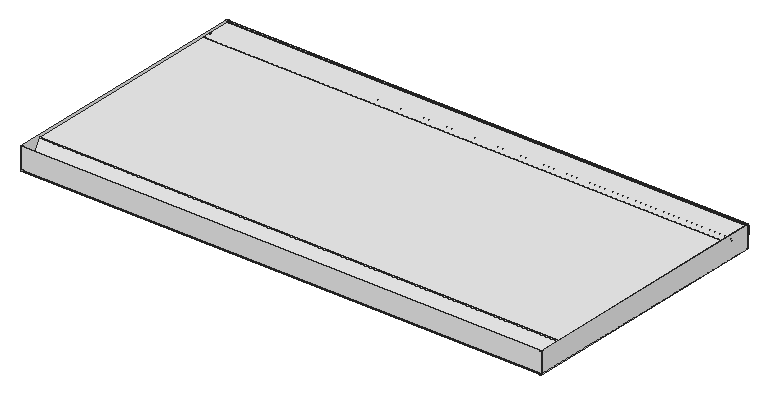
Revit family "LBPC", category Lighting Fixtures, host Ceiling, Revit 2019
Family settings
  Host = Ceiling
  Round Connector Dimension = Use Diameter
  Part Type = Normal
  OmniClass Number = 23.80.70.11.14.17
  OmniClass Title = Direct/Indirect
  Always vertical = Yes
  Cut with Voids When Loaded = No
  Light Source = Yes
  Shared = No
  Room Calculation Point = No
Parameters (values of type "LBPC2X4-LED840K070LUNV")
  Width = 1' - 11 189/256"
  Wattage = 53 W
  built-in parameter 1150110 = 1 (stored number, unit not read)
  Voltage = 120 V  # constant formula
  URL = "https://viscor.com/products/lbpc"
  built-in parameter 1114217 = 0.9 (stored number, unit not read)
  Tilt Angle = 90.00°
  built-in parameter 1150109 = 1 (stored number, unit not read)
  built-in parameter 1150134 = 12
  built-in parameter 1150113 = 1 (stored number, unit not read)
  Photometric Web File = "LBPC2X4-LED840K070LUNV.ies"
  Model = "LBPC"  # constant formula
  Manufacturer = "VISIONEERING by VISCOR"  # constant formula
  Lumens = 7027.27 lm
  built-in parameter 1150115 = 1 (stored number, unit not read)
  built-in parameter 1150105 = 559.21 (stored number, unit not read)
  built-in parameter 1150137 = (empty or 0)
  built-in parameter 1150139 = (empty or 0)
  Lens Finish = Polycarbonate - Viscor - Frosted Round
  Length = 3' - 11 3/4"
  Lamp Wattage = 53 VA
  built-in parameter 1150112 = 1 (stored number, unit not read)
  built-in parameter 1150114 = 1 (stored number, unit not read)
  Lamp = "LED"  # constant formula
  built-in parameter 1150132 = (empty or 0)
  built-in parameter 1150102 = (empty or 0)
  built-in parameter 1150138 = (empty or 0)
  built-in parameter 1150107 = 4000 (stored number, unit not read)
  built-in parameter 1150106 = 5.5921 (stored number, unit not read)
  Housing Finish = Metal - Viscor - White
  Height = 0' - 2"
  Emit from Rectangle Width = Width  # 1' - 11 189/256"
  Emit from Rectangle Length = Length  # 3' - 11 3/4"
  Emit Shape Visible in Rendering = no
  built-in parameter 1150104 = 12.318 (stored number, unit not read)
  Dimming Lamp Color Temperature Shift = <None>
  Description = "LED Configurable Lay-in Backlit Panel Premium Luminaire"  # constant formula
  Color Filter = 16777215
  built-in parameter 1114218 = 1 (stored number, unit not read)
  built-in parameter 1150133 = 10 (stored number, unit not read)
  Assembly Code = "D5020200"
  Apparent Load = Lamp Wattage  # 53 VA
Types (11): name | Wattage | Photometric Web File | Lumens | built-in parameter 1150105 | Length | Lamp Wattage | built-in parameter 1150106 | Height | Emit from Rectangle Length | built-in parameter 1150104 | Apparent Load
  (no name) | 53 W | "LBPC2X4-LED840K070LUNV.ies" | 7027.27 lm | 559.21 (stored number, unit not read) | 3' - 11 3/4" | 53 VA | 5.5921 (stored number, unit not read) | 0' - 2" | 3' - 11 3/4" | 12.318 (stored number, unit not read) | 53 VA
  LBPC2X4-LED840K070LUNV | 53 W | "LBPC2X4-LED840K070LUNV.ies" | 7027.27 lm | 559.21 (stored number, unit not read) | 3' - 11 3/4" | 53 VA | 5.5921 (stored number, unit not read) | 0' - 2" | 3' - 11 3/4" | 12.318 (stored number, unit not read) | 53 VA
  LBPC2X2-LED840K025LUNV | 21 W | "LBPC2X2-LED840K025LUNV.ies" | 2522.1 lm | 200.7 (stored number, unit not read) | 1' - 11 3/4" | 21 VA | 2.007 (stored number, unit not read) | 0' - 2" | 1' - 11 3/4" | 11.158 (stored number, unit not read) | 21 VA
  LBPC2X2-LED840K032LUNV | 27 W | "LBPC2X2-LED840K032LUNV.ies" | 3245.13 lm | 258.24 (stored number, unit not read) | 1' - 11 3/4" | 27 VA | 2.5824 (stored number, unit not read) | 0' - 2" | 1' - 11 3/4" | 11.166 (stored number, unit not read) | 27 VA
  LBPC2X2-LED840K040LUNV | 34 W | "LBPC2X2-LED840K040LUNV.ies" | 4045.32 lm | 321.92 (stored number, unit not read) | 1' - 11 3/4" | 34 VA | 3.2192 (stored number, unit not read) | 0' - 2" | 1' - 11 3/4" | 11.054 (stored number, unit not read) | 34 VA
  LBPC2X2-LED840K050LUNV | 42 W | "LBPC2X2-LED840K050LUNV.ies" | 5062.26 lm | 402.84 (stored number, unit not read) | 1' - 11 3/4" | 42 VA | 4.0284 (stored number, unit not read) | 0' - 2" | 1' - 11 3/4" | 11.198 (stored number, unit not read) | 42 VA
  LBPC2X4-LED840K026LUNV | 21 W | "LBPC2X4-LED840K026LUNV.ies" | 2720.13 lm | 216.46 (stored number, unit not read) | 3' - 11 3/4" | 21 VA | 2.1646 (stored number, unit not read) | 0' - 2" | 3' - 11 3/4" | 12.034 (stored number, unit not read) | 21 VA
  LBPC2X4-LED840K036LUNV | 29 W | "LBPC2X4-LED840K036LUNV.ies" | 3815.24 lm | 303.61 (stored number, unit not read) | 3' - 11 3/4" | 29 VA | 3.0361 (stored number, unit not read) | 0' - 2" | 3' - 11 3/4" | 12.222 (stored number, unit not read) | 29 VA
  LBPC2X4-LED840K040LUNV | 32 W | "LBPC2X4-LED840K040LUNV.ies" | 4065.6 lm | 323.53 (stored number, unit not read) | 3' - 11 3/4" | 32 VA | 3.2353 (stored number, unit not read) | 0' - 2" | 3' - 11 3/4" | 11.803 (stored number, unit not read) | 32 VA
  LBPC2X4-LED840K050LUNV | 38 W | "LBPC2X4-LED840K050LUNV.ies" | 5058.18 lm | 402.52 (stored number, unit not read) | 3' - 11 3/4" | 38 VA | 4.0252 (stored number, unit not read) | 0' - 2" | 3' - 11 3/4" | 12.366 (stored number, unit not read) | 38 VA
  LBPC2X4-LED840K060LUNV | 46 W | "LBPC2X4-LED840K060LUNV.ies" | 6044.4 lm | 481 (stored number, unit not read) | 3' - 11 3/4" | 46 VA | 4.81 (stored number, unit not read) | 0' - 0 1/8" | 3' - 11 3/4" | 12.207 (stored number, unit not read) | 46 VA
Reference planes (in)
  plane 1 "Light Source Axis (F/B)": y = 0
  plane 2 "Ceiling": z = 96
  plane 3 "Light Source Axis (L/R)": x = 0
  plane 4 "Light Source Elevation": z = 96
  plane 5: y = 11.86914
  plane 6: y = -11.86914
  plane 7: x = -23.875
  plane 8: x = 23.875
  plane 9: x = -23.84375
  plane 10: x = 23.84375
  plane 11: x = -22.564
  plane 12: x = 22.564
  plane 13: y = 10.55814
  plane 14: y = -10.55814
Forms (in)
  Extrusion 1, solid, material "Metal - Viscor - White" <- "Housing Finish"
    sketch origin (0, 0, 0) x (0, 1, 0) y (0, 0, 1)
      loop
        line (11.811, 98) -> (11.77975, 98) -> (11.77975, 96.069)
        arc (11.77975, 96.069) -> (11.76869, 96.04231) -> (11.742, 96.03125) r 0.03775
        line (11.742, 96.03125) -> (-11.742, 96.03125)
        arc (-11.742, 96.03125) -> (-11.76869, 96.04231) -> (-11.77975, 96.069) r 0.03775
        line (-11.77975, 96.069) -> (-11.77975, 98) -> (-11.811, 98) -> (-11.811, 96.069)
        arc (-11.811, 96.069) -> (-11.79079, 96.02021) -> (-11.742, 96) r 0.069
        line (-11.742, 96) -> (11.742, 96)
        arc (11.742, 96) -> (11.79079, 96.02021) -> (11.811, 96.069) r 0.069
        line (11.811, 96.069) -> (11.811, 98)
    from -23.875 to 23.875
  Extrusion 2, solid, material "Metal - Viscor - White" <- "Housing Finish"
    sketch origin (0, 0, 0) x (0, 1, 0) y (0, 0, 1)
      loop
        line (11.77975, 96.069) -> (11.77975, 98) -> (-11.77975, 98) -> (-11.77975, 96.069)
        arc (-11.77975, 96.069) -> (-11.76869, 96.04231) -> (-11.742, 96.03125) r 0.03775
        line (-11.742, 96.03125) -> (11.742, 96.03125)
        arc (11.742, 96.03125) -> (11.76869, 96.04231) -> (11.77975, 96.069) r 0.03775
    from 23.84375 to 23.875
  Extrusion 3, solid, material "Metal - Viscor - White" <- "Housing Finish"
    sketch origin (0, 0, 0) x (0, 1, 0) y (0, 0, -1)
      loop
        arc (11.77975, -96.069) -> (11.76869, -96.04231) -> (11.742, -96.03125) r 0.03775
        line (11.742, -96.03125) -> (-11.742, -96.03125)
        arc (-11.742, -96.03125) -> (-11.76869, -96.04231) -> (-11.77975, -96.069) r 0.03775
        line (-11.77975, -96.069) -> (-11.77975, -98) -> (11.77975, -98) -> (11.77975, -96.069)
    from 23.84375 to 23.875
  Extrusion 4, solid, material "Metal - Viscor - White" <- "Housing Finish"
    sketch origin (0, 0, 0) x (0, 1, 0) y (0, 0, 1)
      loop
        arc (-9.71402, 97.843) -> (-9.74514, 97.83462) -> (-9.76785, 97.81176) r 0.062
        line (-9.76785, 97.81176) -> (-10.73877, 96.11265)
        arc (-10.73877, 96.11265) -> (-10.75306, 96.09827) -> (-10.77263, 96.093) r 0.039
        line (-10.77263, 96.093) -> (-11.75, 96.093) -> (-11.75, 96.06175) -> (-10.77263, 96.06175)
        arc (-10.77263, 96.06175) -> (-10.73737, 96.07124) -> (-10.71164, 96.09715) r 0.07025
        line (-10.71164, 96.09715) -> (-9.74072, 97.79626)
        arc (-9.74072, 97.79626) -> (-9.72945, 97.8076) -> (-9.71402, 97.81175) r 0.03075
        line (-9.71402, 97.81175) -> (9.71402, 97.81175)
        arc (9.71402, 97.81175) -> (9.72945, 97.8076) -> (9.74072, 97.79626) r 0.03075
        line (9.74072, 97.79626) -> (10.71164, 96.09715)
        arc (10.71164, 96.09715) -> (10.73737, 96.07124) -> (10.77263, 96.06175) r 0.07025
        line (10.77263, 96.06175) -> (11.75, 96.06175) -> (11.75, 96.093) -> (10.77263, 96.093)
        arc (10.77263, 96.093) -> (10.75306, 96.09827) -> (10.73877, 96.11265) r 0.039
        line (10.73877, 96.11265) -> (9.76785, 97.81176)
        arc (9.76785, 97.81176) -> (9.74514, 97.83462) -> (9.71402, 97.843) r 0.062
        line (9.71402, 97.843) -> (-9.71402, 97.843)
    from -23.84375 to 23.84375
  Extrusion 5, solid, material "Metal - Viscor - White" <- "Housing Finish"
    sketch origin (0, 0, 0) x (0, 1, 0) y (0, 0, 1)
      loop
        line (11.85902, 97.804) -> (11.85902, 97.123) -> (11.89027, 97.123) -> (11.89027, 97.804)
        arc (11.89027, 97.804) -> (11.86969, 97.85367) -> (11.82002, 97.87425) r 0.07025
        line (11.82002, 97.87425) -> (9.01402, 97.87425) -> (9.01402, 97.843) -> (11.82002, 97.843)
        arc (11.82002, 97.843) -> (11.8476, 97.83158) -> (11.85902, 97.804) r 0.039
    from -23.84375 to 23.84375
  Extrusion 6, void
    sketch origin (0, 0, 94) x (0, 1, 0) y (-1, 0, 0)
      loop
        line (-10.55814, 22.564) -> (-10.55814, -22.564) -> (10.55814, -22.564) -> (10.55814, 22.564) -> (-10.55814, 22.564)
    from 1.85089 to 2.12818
  Extrusion 7, solid, material "Polycarbonate - Viscor - Frosted Round" <- "Lens Finish"
    sketch origin (0, 0, 96.03125) x (0, 1, 0) y (-1, 0, 0)
      loop
        line (-10.80814, 22.814) -> (-10.80814, -22.814) -> (10.80814, -22.814) -> (10.80814, 22.814) -> (-10.80814, 22.814)
    from 0 to 0.125
Cuts and joins
  Extrusion 6 cuts Extrusion 1
  Extrusion 6 cuts Extrusion 4
  Extrusion 6 cuts Extrusion 5
Dimensions and locks (in)
  equal spacing: host sketch curve, plane 3 "Light Source Axis (L/R)", host sketch curve
  equal spacing: host sketch curve, plane 1 "Light Source Axis (F/B)", host sketch curve
  host sketch curve to host sketch curve = 10' - 0"  (x2)
  equal spacing: plane 7, plane 3 "Light Source Axis (L/R)", plane 8
  equal spacing: plane 5, plane 1 "Light Source Axis (F/B)", plane 6
  locked: plane 10 to plane 8 at 0.03125
  "Length": plane 7 to plane 8
  "Width": plane 5 to plane 6
  plane 7 to plane 9 = 0' - 0 1/32"
  plane 6 to plane 1 "Light Source Axis (F/B)" = 0' - 11.86914"
  locked: plane 11 to plane 7 at 1.311
  locked: plane 12 to plane 8 at 1.311
  plane 5 to plane 13 to Extrusion 1 = 0' - 1.311" locked, 1' - 10.33789"
  plane 6 to plane 14 to Extrusion 1 = 0' - 1.311" locked, 1' - 10.33789"
  aligned and locked: plane 3 "Light Source Axis (L/R)" to imposter light
  aligned and locked: plane 1 "Light Source Axis (F/B)" to imposter light
  aligned and locked: plane 4 "Light Source Elevation" to imposter light
  aligned and locked: Extrusion 1 to plane 7
  aligned and locked: plane 8 to Extrusion 1
  aligned and locked: plane 8 to Extrusion 2
  aligned and locked: Extrusion 2 to plane 10
  aligned and locked: Extrusion 3 to plane 7
  aligned and locked: plane 9 to Extrusion 3
  aligned and locked: plane 10 to Extrusion 4
  aligned and locked: Extrusion 5 to plane 9
  aligned and locked: plane 10 to Extrusion 5
  aligned and locked: Extrusion 4 to plane 9
Automatic sketch dimensions
  Extrusion 1 sketch curve to Extrusion 1 sketch curve = 0' - 0"  (x4)
  Extrusion 1 sketch curve to plane 2 "Ceiling" = 0' - 0"
  plane 6 to Extrusion 1 sketch curve = 0' - 0.05814"
  Extrusion 1 sketch curve to Extrusion 1 sketch curve = 0' - 0 1/32"
  Extrusion 1 sketch curve to Extrusion 1 sketch curve = 0' - 0.03775"
  Extrusion 1 sketch curve to plane 5 = 0' - 0.12714"
  Extrusion 1 sketch curve to plane 5 = 0' - 0.08939"
  Extrusion 1 sketch curve to Extrusion 1 sketch curve = 0' - 1.931"  (x2)
  plane 6 to Extrusion 2 sketch curve = 0' - 0.08939"
  Extrusion 2 sketch curve to Extrusion 2 sketch curve = 0' - 0.03775"
  plane 2 "Ceiling" to Extrusion 2 sketch curve = 0' - 0 1/32"
  Extrusion 2 sketch curve to plane 5 = 0' - 0.12714"
  Extrusion 2 sketch curve to plane 5 = 0' - 0.08939"
  Extrusion 2 sketch curve to Extrusion 2 sketch curve = 0' - 1.931"
  plane 6 to Extrusion 3 sketch curve = 0' - 0.08939"
  Extrusion 3 sketch curve to Extrusion 3 sketch curve = 0' - 0.03775"
  plane 2 "Ceiling" to Extrusion 3 sketch curve = 0' - 0 1/32"
  Extrusion 3 sketch curve to plane 5 = 0' - 0.12714"
  Extrusion 3 sketch curve to plane 5 = 0' - 0.08939"
  Extrusion 3 sketch curve to Extrusion 3 sketch curve = 0' - 1.931"
  Extrusion 4 sketch curve to Extrusion 4 sketch curve = 0' - 0"  (x10)
  plane 2 "Ceiling" to Extrusion 4 sketch curve = 0' - 0.06175"  (x2)
  plane 2 "Ceiling" to Extrusion 4 sketch curve = 0' - 0.11265"  (x2)
  Extrusion 4 sketch curve to Extrusion 4 sketch curve = 0' - 0.03386"  (x2)
  plane 2 "Ceiling" to Extrusion 4 sketch curve = 0' - 0.09715"  (x2)
  Extrusion 4 sketch curve to Extrusion 4 sketch curve = 0' - 0.02713"  (x4)
  Extrusion 4 sketch curve to Extrusion 4 sketch curve = 0' - 0.0267"  (x2)
  Extrusion 4 sketch curve to plane 5 = 0' - 0.11914"
  plane 2 "Ceiling" to Extrusion 4 sketch curve = 0' - 1.781"  (x2)
  Extrusion 4 sketch curve to Extrusion 4 sketch curve = 0' - 0.01526"
  Extrusion 4 sketch curve to Extrusion 4 sketch curve = 0' - 0.0155"
  plane 6 to Extrusion 4 sketch curve = 0' - 0.11914"
  Extrusion 5 sketch curve to Extrusion 5 sketch curve = 0' - 0"  (x2)
  Extrusion 5 sketch curve to plane 5 = 0' - 0.04912"
  Extrusion 5 sketch curve to plane 5 = 0' - 0.01012"
  plane 5 to Extrusion 5 sketch curve = 0' - 0.02113"
  plane 2 "Ceiling" to Extrusion 5 sketch curve = 0' - 1.123"
  Extrusion 5 sketch curve to Extrusion 5 sketch curve = 0' - 0.681"
  Extrusion 4 sketch curve to Extrusion 4 sketch curve = 0' - 0.97737"
  Extrusion 4 sketch curve to Extrusion 4 sketch curve = 0' - 0.97092"
  Extrusion 4 sketch curve to plane 5 = 0' - 2.15512"
  Extrusion 4 sketch curve to Extrusion 4 sketch curve = 0' - 1.03836"
  Extrusion 5 sketch curve to Extrusion 5 sketch curve = 0' - 2.806"
  Extrusion 6 sketch curve to plane 12 = 0' - 0"
  Extrusion 6 sketch curve to plane 14 = 0' - 0"
  Extrusion 6 sketch curve to plane 11 = 0' - 0"
  Extrusion 6 sketch curve to plane 13 = 0' - 0"
  Extrusion 7 sketch curve to plane 14 = 0' - 0 1/4"
  plane 13 to Extrusion 7 sketch curve = 0' - 0 1/4"
  plane 12 to Extrusion 7 sketch curve = 0' - 0 1/4"
  Extrusion 7 sketch curve to plane 11 = 0' - 0 1/4"
Connectors (in)
  electrical at (0, 0, 96), driven by "Voltage", driven by "Lamp Wattage"
    settings: index 2, voltage 120 V, apparent load 0 VA, apparent load phase1 53 VA, apparent load phase2 0 VA, apparent load phase3 0 VA, power factor 1, load classification "Other", number of poles 1, system type 31, power factor state 1, is connector primary yes, connector utility no, sub classification motor no, connector description ""
